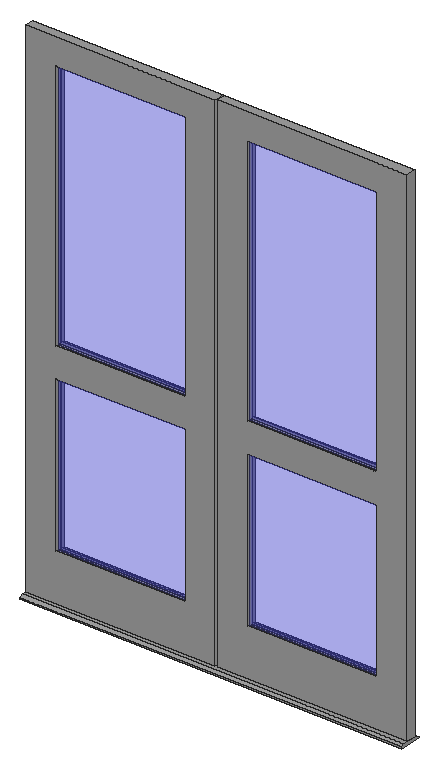
Revit family "WS-500 DOOR-Double-VIP-1-PD-SF_v05", category Curtain Panels, Revit 2015
Parameters
  Width [instance] = 6' - 2"
  VIP1 Panic Devices [instance] = no
  URL = "obe.com"
  Rough Width [instance] = 6' - 0"
  Offset [instance] = 0' - 0"
  Model = "WS-500 DOOR"
  Min Panel Width [instance] = if(Rough Width > 5' 11 255/256", Rough Width, 6' 0")  # 6' - 0"
  Manufacturer = "Oldcastle BuildingEnvelope®"
  Keynote = "08 11 00"
  Height [instance] = 8' - 0"
  Pushbar Height [instance] = 3' - 5 1/4"  # constant formula
  Glass Material = Glass
  Frame Material = Aluminum
  Door Panel Height [instance] = Height + 0' 0 13/32"  # 8' - 0 13/32"
  Description = "WS-500 - 1\" Door Infill"
  Assembly Code = "B2030\r\n"
  Analytic Construction = "<None>"
  8 Bottom Rail [instance] = yes
Reference planes (in)
  plane 1 "Front": y = 0
  plane 2: z = 0
  plane 3 "Center (Left/Right)": x = 0
  plane 4 "Left": x = -37
  plane 5 "Right": x = 37
  plane 6 "Top": z = 96
  plane 7: x = -36
  plane 8: x = 36
Text (in)
  text "Exterior" at (-54.29358, 31.38743, 0), in view "Ref. Level"
  text "Exterior" at (480, 41.53993, 89.60405), in view "Right"
  text "Exterior" at (-240, 57.82419, 105.78864), in view "Left"
Dimensions and locks (in)
  equal spacing: plane 4 "Left", plane 3 "Center (Left/Right)", plane 5 "Right"
  "Width": plane 4 "Left" to plane 5 "Right"
  "Height": plane 6 "Top" to plane 2
  equal spacing: plane 7, plane 3 "Center (Left/Right)", plane 8
  "Min Panel Width": plane 7 to plane 8
  aligned and locked: level to plane 2
  aligned and locked: plane 3 "Center (Left/Right)" to nested 1
  aligned and locked: nested 1 to plane 1 "Front"
Nested families (in)
  nested 1: "WS-500 DOOR-Double-VIP-1-PD-Panel_v04" at (0, -16, 0) x (-1, 0, 0) z (0, 0, 1), VIP1 Panic Devices <- "VIP1 Panic Devices", 8 Bottom Rail <- "8 Bottom Rail", Height <- "Door Panel Height", Width <- "Min Panel Width", Offset <- "Offset", type "WS-500 DOOR-Double-VIP-1-PD-Panel_v04"
    with Wing Width 3' - 0", built-in parameter 1001301 6' - 0", VIP2 Panic Devices yes, VIP1 Panic Devices no, Pushbar Height 3' - 5 1/4", Offset 0' - 0", built-in parameter 1001300 8' - 0 13/32", Glass at Muntin 0' - 4 15/16", Glass Material Glass, Frame Material Aluminum, Bottom Rail 0' - 9 5/32", 8 Bottom Rail yes, 10 Bottom Rail no
Definition of nested family "WS-500 DOOR-Double-VIP-1-PD-Panel_v04"
  Parameters (values of type "WS-500 DOOR-Double-VIP-1-PD-Panel_v04")
    Wing Width [instance] = Width / 2  # 3' - 0"
    Width [instance] = 6' - 0"
    VIP2 Panic Devices [instance] = not(VIP1 Panic Devices)  # no
    VIP1 Panic Devices [instance] = yes
    Offset [instance] = 0' - 10 29/32"
    Height [instance] = 8' - 0"
    Glass at Muntin [instance] = if(VIP1 Panic Devices, 0' 8 15/16", 0' 4 15/16")  # 0' - 8 15/16"
    Pushbar Height [instance] = 3' - 5 1/4"  # constant formula
    Glass Material [instance] = none
    Frame Material [instance] = none
    Bottom Rail [instance] = if([8 Bottom Rail], 0' 9 5/32", 0' 11 5/32")  # 0' - 9 5/32"
    Analytic Construction = "<None>"
    8 Bottom Rail [instance] = yes
    10 Bottom Rail [instance] = not([8 Bottom Rail])  # no
  Reference planes (in)
    plane 1 "Offset": y = 4.09375
    plane 2: z = 0
    plane 3 "Center (Left/Right)": x = 0
    plane 4: z = 96
    plane 5: x = 36
    plane 6: x = -36
    plane 7 "Center (Front/Back)": y = 16
    plane 8 "Exterior": y = 4.59375
    plane 9: z = 48
    plane 10: z = 36.78125
    plane 11: z = 45.71875
    plane 12: z = 91
    plane 13: z = 9.15625
    plane 14: y = 5.09375
    plane 15: z = 41.25
  Forms (in)
    Sweep 1, solid, material <- "Frame Material"
      path origin (0, 4.09375, 0) x (1, 0, 0) y (0, 0, 1)
        loop
          line (-35.798, 96) -> (-0.22004, 96)
      profile origin (-18.00902, 4.09375, 96) x (0, 0, 1) y (0, -1, 0)
        loop
          line (-0.40625, -0.875) -> (-0.40625, 0.875) -> (-5.28125, 0.875) -> (-5.28125, 0.5) -> (-5, 0.5) -> (-5, -0.5) -> (-5.28125, -0.5) -> (-5.28125, -0.875) -> (-0.40625, -0.875)
    Sweep 2, solid, material <- "Frame Material"
      path origin (0, 4.09375, 0) x (1, 0, 0) y (0, 0, 1)
        loop
          line (-0.22004, 0) -> (-35.798, 0)
      profile origin (-18.00902, 4.09375, 0) x (0, 0, -1) y (0, -1, 0)
        loop
          line (-9.4375, -0.875) -> (-0.6875, -0.875) -> (-0.6875, 0.875) -> (-9.4375, 0.875) -> (-9.4375, 0.5) -> (-9.15625, 0.5) -> (-9.15625, -0.5) -> (-9.4375, -0.5) -> (-9.4375, -0.875)
    Sweep 3, solid, material <- "Frame Material"
      path origin (0, 4.09375, 0) x (1, 0, 0) y (0, 0, 1)
        loop
          line (36, 95.59375) -> (36, 0.6875)
      profile origin (36, 4.09375, 48.14062) x (0, -1, 0) y (1, 0, 0)
        loop
          line (-0.875, -0.093) -> (-0.875, -5.843) -> (-0.5, -5.843) -> (-0.5, -5.56175) -> (0.5, -5.56175) -> (0.5, -5.843) -> (0.875, -5.843) -> (0.875, -0.202) -> (-0.875, -0.093)
    Sweep 4, solid, material <- "Frame Material"
      path origin (0, 4.09375, 0) x (1, 0, 0) y (0, 0, 1)
        loop
          line (-36, 95.59375) -> (-36, 0.6875)
      profile origin (-36, 4.09375, 48.14062) x (0, -1, 0) y (1, 0, 0)
        loop
          line (-0.875, 0.093) -> (0.875, 0.202) -> (0.875, 5.843) -> (0.5, 5.843) -> (0.5, 5.56175) -> (-0.5, 5.56175) -> (-0.5, 5.843) -> (-0.875, 5.843) -> (-0.875, 0.093)
    Sweep 5, solid, material <- "Frame Material"
      path origin (0, 4.09375, 0) x (1, 0, 0) y (0, 0, 1)
        loop
          line (-5.53125, 48) -> (-30.43825, 48)
      profile origin (-17.98475, 4.09375, 48) x (0, 0, -1) y (0, -1, 0)
        loop
          line (11.5, -0.875) -> (11.5, -0.5) -> (11.21875, -0.5) -> (11.21875, 0.5) -> (11.5, 0.5) -> (11.5, 0.875) -> (2, 0.875) -> (2, 0.5) -> (2.28125, 0.5) -> (2.28125, -0.5) -> (2, -0.5) -> (2, -0.875) -> (11.5, -0.875)
    Sweep 6, solid, material <- "Frame Material"
      path origin (0, 4.09375, 0) x (1, 0, 0) y (0, 0, 1)
        loop
          line (0, 95.59375) -> (0, 0.6875)
      profile origin (0, 4.09375, 48.14062) x (0, -1, 0) y (1, 0, 0)
        loop
          line (-0.875, -0.22063) -> (-0.875, -5.8125) -> (-0.5, -5.8125) -> (-0.5, -5.53125) -> (0.5, -5.53125) -> (0.5, -5.8125) -> (0.875, -5.8125) -> (0.875, -0.22063)
          arc (0.875, -0.22063) -> (0, -0.0625) -> (-0.875, -0.22063) r 2.5
        loop
          line (0.875, 5.8125) -> (0.5, 5.8125) -> (0.5, 5.53125) -> (-0.5, 5.53125) -> (-0.5, 5.8125) -> (-0.875, 5.8125) -> (-0.875, 0.22063)
          arc (-0.875, 0.22063) -> (0, 0.0625) -> (0.875, 0.22063) r 2.5
          line (0.875, 0.22063) -> (0.875, 5.8125)
    Sweep 7, solid, material <- "Frame Material"
      path origin (0, 4.09375, 0) x (1, 0, 0) y (0, 0, 1)
        loop
          line (0.22004, 96) -> (35.798, 96)
      profile origin (18.00902, 4.09375, 96) x (0, 0, 1) y (0, -1, 0)
        loop
          line (-0.40625, -0.875) -> (-0.40625, 0.875) -> (-5.28125, 0.875) -> (-5.28125, 0.5) -> (-5, 0.5) -> (-5, -0.5) -> (-5.28125, -0.5) -> (-5.28125, -0.875) -> (-0.40625, -0.875)
    Sweep 8, solid, material <- "Frame Material"
      path origin (0, 4.09375, 0) x (1, 0, 0) y (0, 0, 1)
        loop
          line (30.43825, 48) -> (5.53125, 48)
      profile origin (17.98475, 4.09375, 48) x (0, 0, -1) y (0, -1, 0)
        loop
          line (11.5, -0.875) -> (11.5, -0.5) -> (11.21875, -0.5) -> (11.21875, 0.5) -> (11.5, 0.5) -> (11.5, 0.875) -> (2, 0.875) -> (2, 0.5) -> (2.28125, 0.5) -> (2.28125, -0.5) -> (2, -0.5) -> (2, -0.875) -> (11.5, -0.875)
    Sweep 9, solid, material <- "Frame Material"
      path origin (0, 4.09375, 0) x (1, 0, 0) y (0, 0, 1)
        loop
          line (35.798, 0) -> (0.22004, 0)
      profile origin (18.00902, 4.09375, 0) x (0, 0, -1) y (0, -1, 0)
        loop
          line (-9.4375, -0.5) -> (-9.4375, -0.875) -> (-0.6875, -0.875) -> (-0.6875, 0.875) -> (-9.4375, 0.875) -> (-9.4375, 0.5) -> (-9.15625, 0.5) -> (-9.15625, -0.5) -> (-9.4375, -0.5)
    Extrusion 10, solid, material <- "Glass Material", detail levels coarse
      sketch origin (0, 0, 0) x (1, 0, 0) y (0, 1, 0)
        loop
          line (-30.43825, 4.59375) -> (-30.43825, 3.59375) -> (-5.53125, 3.59375) -> (-5.53125, 4.59375) -> (-30.43825, 4.59375)
      from 9.15625 to 36.78125
    Extrusion 11, solid, material <- "Glass Material", detail levels coarse
      sketch origin (0.31207, 0, 0) x (1, 0, 0) y (0, 1, 0)
        loop
          line (5.53125, 4.59375) -> (5.53125, 3.59375) -> (30.12618, 3.59375) -> (30.12618, 4.59375) -> (5.53125, 4.59375)
      from 9.15625 to 36.78125
    Extrusion 12, solid, material <- "Glass Material", detail levels coarse
      sketch origin (0, 0, 0) x (1, 0, 0) y (0, 1, 0)
        loop
          line (-5.53125, 4.59375) -> (-30.43825, 4.59375) -> (-30.43825, 3.59375) -> (-5.53125, 3.59375) -> (-5.53125, 4.59375)
      from 45.71875 to 91
    Extrusion 13, solid, material <- "Glass Material", detail levels coarse
      sketch origin (0, 0, 0) x (1, 0, 0) y (0, 1, 0)
        loop
          line (30.43825, 4.59375) -> (5.53125, 4.59375) -> (5.53125, 3.59375) -> (30.43825, 3.59375) -> (30.43825, 4.59375)
      from 45.71875 to 91
    Extrusion 14, solid, material <- "Glass Material", detail levels medium+fine
      sketch origin (0, 0, 0) x (1, 0, 0) y (0, 1, 0)
        loop
          line (5.53125, 3.59375) -> (30.43825, 3.59375) -> (30.43825, 3.84175) -> (5.53125, 3.84175) -> (5.53125, 3.59375)
        loop
          line (30.43825, 4.59375) -> (5.53125, 4.59375) -> (5.53125, 4.34575) -> (30.43825, 4.34575) -> (30.43825, 4.59375)
      from 9.15625 to 36.78125
    Extrusion 15, solid, material <- "Glass Material", detail levels medium+fine
      sketch origin (0, 0, 0) x (1, 0, 0) y (0, 1, 0)
        loop
          line (30.43825, 3.59375) -> (30.43825, 3.84175) -> (5.53125, 3.84175) -> (5.53125, 3.59375) -> (30.43825, 3.59375)
        loop
          line (5.53125, 4.59375) -> (5.53125, 4.34575) -> (30.43825, 4.34575) -> (30.43825, 4.59375) -> (5.53125, 4.59375)
      from 45.71875 to 91
    Extrusion 16, solid, material <- "Glass Material", detail levels medium+fine
      sketch origin (0, 0, 0) x (1, 0, 0) y (0, 1, 0)
        loop
          line (-5.53125, 3.59375) -> (-5.53125, 3.84175) -> (-30.43825, 3.84175) -> (-30.43825, 3.59375) -> (-5.53125, 3.59375)
        loop
          line (-30.43825, 4.59375) -> (-30.43825, 4.34575) -> (-5.53125, 4.34575) -> (-5.53125, 4.59375) -> (-30.43825, 4.59375)
      from 45.71875 to 91
    Extrusion 17, solid, material <- "Glass Material", detail levels medium+fine
      sketch origin (0, 0, 0) x (1, 0, 0) y (0, 1, 0)
        loop
          line (-30.43825, 3.59375) -> (-5.53125, 3.59375) -> (-5.53125, 3.84175) -> (-30.43825, 3.84175) -> (-30.43825, 3.59375)
        loop
          line (-5.53125, 4.59375) -> (-30.43825, 4.59375) -> (-30.43825, 4.34575) -> (-5.53125, 4.34575) -> (-5.53125, 4.59375)
      from 9.15625 to 36.78125
    Sweep 18, solid, material <- "Frame Material"
      path origin (0, 4.09375, 0) x (1, 0, 0) y (0, 0, 1)
        loop
          line (-35.79762, 0) -> (35.79763, 0)
      profile origin (0, 4.09375, 0) x (0, 0, 1) y (0, -1, 0)
        loop
          line (0.5, -1.1555) -> (0.5, 1.5305) -> (0.19364, 2.1875) -> (0, 2.1875) -> (0, -1.8125) -> (0.19364, -1.8125) -> (0.5, -1.1555)
  Cuts and joins
    joined: Sweep 1, Sweep 2, Sweep 3, Sweep 4, Sweep 5, Sweep 6, Sweep 7, Sweep 8, Sweep 9
  Lines and regions (in)
    model lines
      curve 1: line (5.53125, 4.59375, 91) -> (30.53125, 4.59375, 48)
      curve 2: line (30.53125, 4.59375, 48) -> (5.53125, 4.59375, 9.15625)
      curve 3: line (-5.53125, 4.59375, 91) -> (-30.53125, 4.59375, 48)
      curve 4: line (-30.53125, 4.59375, 48) -> (-5.53125, 4.59375, 9.15625)
  Dimensions and locks (in)
    "Height": plane 4 to level
    "Width": plane 6 to plane 5
    "Offset": plane 14 to plane 7 "Center (Front/Back)"
    equal spacing: level, plane 9, plane 4
    locked: Sweep 2 sketch curve to plane 6 at 0.202
    locked: plane 3 "Center (Left/Right)" to Sweep 2 sketch curve at 0.22004
    locked: Sweep 3 sketch curve to plane 4 at 0.40625
    locked: Sweep 4 sketch curve to plane 4 at 0.40625
    locked: Sweep 1 sketch curve to plane 6 at 0.202
    locked: plane 3 "Center (Left/Right)" to Sweep 1 sketch curve at 0.22004
    locked: plane 3 "Center (Left/Right)" to Sweep 5 sketch curve at 5.53125
    locked: Sweep 5 sketch curve to plane 6 at 5.56175
    locked: Sweep 7 sketch curve to plane 3 "Center (Left/Right)" at 0.22004
    locked: plane 5 to Sweep 7 sketch curve at 0.202
    locked: plane 5 to Sweep 8 sketch curve at 5.56175
    locked: Sweep 8 sketch curve to plane 3 "Center (Left/Right)" at 5.53125
    locked: plane 5 to Sweep 9 sketch curve at 0.202
    locked: Sweep 9 sketch curve to plane 3 "Center (Left/Right)" at 0.22004
    "Bottom Rail": level to Extrusion 10
    Extrusion 11 sketch curve to plane 1 "Offset" to Extrusion 11 sketch curve = 0' - 0 1/2", 0' - 0 1/2"
    plane 3 "Center (Left/Right)" to Extrusion 11 sketch curve = 0' - 5.84332"
    Extrusion 10 sketch curve to plane 1 "Offset" to Extrusion 10 sketch curve = 0' - 0 1/2" locked, 0' - 0 1/2" locked
    locked: Extrusion 10 sketch curve to plane 3 "Center (Left/Right)" at 5.53125
    locked: Extrusion 12 sketch curve to plane 3 "Center (Left/Right)" at 5.53125
    Extrusion 12 sketch curve to plane 1 "Offset" to Extrusion 12 sketch curve = 0' - 0 1/2" locked, 0' - 0 1/2" locked
    Extrusion 13 sketch curve to plane 1 "Offset" to Extrusion 13 sketch curve = 0' - 0 1/2" locked, 0' - 0 1/2" locked
    locked: plane 3 "Center (Left/Right)" to Extrusion 13 sketch curve at 5.53125
    "Glass at Muntin": plane 10 to plane 11
    locked: plane 12 to plane 4 at 5
    locked: Sweep 8 sketch curve to plane 10 at 0.28125  (x2)
    locked: plane 11 to Sweep 8 sketch curve at 0.28125  (x2)
    locked: plane 13 to Sweep 9 sketch curve at 0.28125  (x2)
    locked: plane 3 "Center (Left/Right)" to Extrusion 14 sketch curve at 5.53125  (x2)
    Extrusion 14 sketch curve to Extrusion 14 sketch curve to plane 1 "Offset" to Extrusion 14 sketch curve to Extrusion 14 sketch curve = 0' - 0.248" locked, 0' - 0.252" locked, 0' - 0.252" locked, 0' - 0.248" locked
    Extrusion 15 sketch curve to Extrusion 15 sketch curve to plane 1 "Offset" to Extrusion 15 sketch curve to Extrusion 15 sketch curve = 0' - 0.248" locked, 0' - 0.252" locked, 0' - 0.252" locked, 0' - 0.248" locked
    locked: plane 3 "Center (Left/Right)" to Extrusion 15 sketch curve at 5.53125  (x2)
    locked: Sweep 5 sketch curve to plane 10 at 0.28125  (x2)
    locked: plane 11 to Sweep 5 sketch curve at 0.28125  (x2)
    locked: Extrusion 16 sketch curve to plane 3 "Center (Left/Right)" at 5.53125  (x2)
    Extrusion 17 sketch curve to Extrusion 17 sketch curve to plane 1 "Offset" to Extrusion 17 sketch curve to Extrusion 17 sketch curve = 0' - 0.248" locked, 0' - 0.252" locked, 0' - 0.252" locked, 0' - 0.248" locked
    locked: Extrusion 17 sketch curve to plane 3 "Center (Left/Right)" at 5.53125  (x2)
    locked: plane 13 to Sweep 2 sketch curve at 0.28125  (x2)
    plane 1 "Offset" to plane 8 "Exterior" to plane 14 = 0' - 0 1/2" locked, 0' - 0 1/2" locked
    locked: plane 4 to Sweep 6 sketch curve at 0.40625
    locked: plane 6 to Extrusion 16 sketch curve at 5.56175  (x2)
    locked: plane 6 to Extrusion 12 sketch curve at 5.56175
    locked: plane 6 to Extrusion 17 sketch curve at 5.56175  (x2)
    locked: plane 6 to Extrusion 10 sketch curve at 5.56175
    locked: Extrusion 15 sketch curve to plane 5 at 5.56175  (x2)
    locked: Extrusion 13 sketch curve to plane 5 at 5.56175
    Extrusion 14 sketch curve to plane 5 = 0' - 5.56175"  (x2)
    locked: Extrusion 11 sketch curve to plane 5 at 5.56175
    "Bottom Rail": plane 2 to plane 13
    equal spacing: plane 6, plane 3 "Center (Left/Right)", plane 5
    Extrusion 16 sketch curve to Extrusion 16 sketch curve to plane 1 "Offset" to Extrusion 16 sketch curve to Extrusion 16 sketch curve = 0' - 0.248" locked, 0' - 0.252" locked, 0' - 0.252" locked, 0' - 0.248" locked
    equal spacing: plane 10, plane 15, plane 11
    "Pushbar Height": plane 2 to plane 15
    locked: plane 5 to Sweep 18 sketch curve at 0.20237
    locked: Sweep 18 sketch curve to plane 6 at 0.20238
    locked: Sweep 4 sketch curve to plane 2 at 0.6875
    locked: Sweep 6 sketch curve to plane 2 at 0.6875
    locked: Sweep 3 sketch curve to plane 2 at 0.6875
    aligned and locked: plane 2 to level
    aligned and locked: Sweep 1 sketch curve to plane 4
    aligned and locked: Sweep 2 sketch curve to level
    aligned and locked: level to nested 1
    aligned and locked: nested 1 to plane 1 "Offset"
    aligned and locked: plane 5 to Sweep 3 sketch curve
    aligned and locked: plane 6 to Sweep 4 sketch curve
    aligned and locked: Sweep 5 sketch curve to plane 9
    aligned and locked: plane 3 "Center (Left/Right)" to Sweep 6 sketch curve
    aligned and locked: Sweep 9 sketch curve to level
    aligned and locked: Sweep 8 sketch curve to plane 9
    aligned and locked: plane 4 to Sweep 7 sketch curve
    aligned and locked: plane 11 to Sweep 8 sketch curve
    aligned and locked: Sweep 8 sketch curve to plane 10
    aligned and locked: Sweep 9 sketch curve to plane 13
    aligned and locked: Extrusion 11 to plane 10
    aligned and locked: plane 13 to Extrusion 11
    aligned and locked: plane 13 to Extrusion 14
    aligned and locked: Extrusion 14 to plane 10
    aligned and locked: plane 11 to Extrusion 13
    aligned and locked: Extrusion 13 to plane 12
    aligned and locked: Extrusion 15 to plane 12
    aligned and locked: plane 11 to Extrusion 15
    aligned and locked: plane 11 to Sweep 5 sketch curve
    aligned and locked: Sweep 5 sketch curve to plane 10
    aligned and locked: plane 11 to Extrusion 12
    aligned and locked: plane 11 to Extrusion 16
    aligned and locked: Extrusion 12 to plane 12
    aligned and locked: Extrusion 16 to plane 12
    aligned and locked: Extrusion 17 to plane 10
    aligned and locked: Extrusion 10 to plane 10
    aligned and locked: plane 13 to Sweep 2 sketch curve
    aligned and locked: cut or joined group of Sweep 1, Sweep 2, Sweep 3, Sweep 4, Sweep 5, Sweep 6, Sweep 7, Sweep 8, Sweep 9 to curve 2
    aligned and locked: cut or joined group of Sweep 1, Sweep 2, Sweep 3, Sweep 4, Sweep 5, Sweep 6, Sweep 7, Sweep 8, Sweep 9 to curve 1
    aligned and locked: cut or joined group of Sweep 1, Sweep 2, Sweep 3, Sweep 4, Sweep 5, Sweep 6, Sweep 7, Sweep 8, Sweep 9 to curve 3
    aligned and locked: cut or joined group of Sweep 1, Sweep 2, Sweep 3, Sweep 4, Sweep 5, Sweep 6, Sweep 7, Sweep 8, Sweep 9 to curve 4
    aligned and locked: plane 9 to curve 3
    aligned and locked: plane 9 to curve 2
    aligned and locked: nested 2 to plane 3 "Center (Left/Right)"
    aligned and locked: plane 1 "Offset" to nested 2
    aligned and locked: plane 13 to Extrusion 17
    aligned and locked: Sweep 18 sketch curve to plane 2
  Automatic sketch dimensions
    Sweep 4 sketch curve to plane 1 "Offset" = 0' - 0 7/8"
    Sweep 4 sketch curve to profile plane = 0' - 0.093"
    plane 1 "Offset" to Sweep 4 sketch curve = 0' - 0 7/8"
    Sweep 4 sketch curve to Sweep 4 sketch curve = 0' - 0.109"
    Sweep 4 sketch curve to Sweep 4 sketch curve = 0' - 5 3/4"
    Sweep 4 sketch curve to Sweep 4 sketch curve = 0' - 0"
    Sweep 4 sketch curve to Sweep 4 sketch curve = 0' - 0 3/8"  (x2)
    Sweep 4 sketch curve to Sweep 4 sketch curve = 0' - 0 9/32"
    plane 1 "Offset" to Sweep 6 sketch curve = 0' - 0"
    profile plane to Sweep 6 sketch curve = 0' - 0.22063"  (x2)
    Sweep 6 sketch curve to Sweep 6 sketch curve = 0' - 2.34187"  (x2)
    Sweep 6 sketch curve to Sweep 6 sketch curve = 0' - 3 1/4"
    Sweep 6 sketch curve to Sweep 6 sketch curve = 0' - 0 3/8"  (x4)
    Sweep 6 sketch curve to Sweep 6 sketch curve = 0' - 0 9/32"  (x4)
    plane 1 "Offset" to Sweep 6 sketch curve = 0' - 0 1/2"
    plane 1 "Offset" to Sweep 6 sketch curve = 0' - 0 7/8"
    Sweep 6 sketch curve to profile plane = 0' - 5 13/16"
    Sweep 6 sketch curve to profile plane = 0' - 0.22063"  (x2)
    Sweep 6 sketch curve to plane 1 "Offset" = 0' - 0 1/2"
    Sweep 3 sketch curve to plane 1 "Offset" = 0' - 0 7/8"
    profile plane to Sweep 3 sketch curve = 0' - 0.202"
    Sweep 3 sketch curve to Sweep 3 sketch curve = 0' - 0.109"
    Sweep 3 sketch curve to Sweep 3 sketch curve = 0' - 5 3/4"
    Sweep 3 sketch curve to Sweep 3 sketch curve = 0' - 0 3/8"  (x2)
    Sweep 3 sketch curve to Sweep 3 sketch curve = 0' - 0 9/32"  (x2)
    plane 1 "Offset" to Sweep 3 sketch curve = 0' - 0 1/2"
    Sweep 8 sketch curve to plane 1 "Offset" = 0' - 0 7/8"
    Sweep 8 sketch curve to Sweep 8 sketch curve = 0' - 0 3/8"  (x4)
    plane 1 "Offset" to Sweep 8 sketch curve = 0' - 0 1/2"
    Sweep 9 sketch curve to Sweep 9 sketch curve = 0' - 0 3/8"  (x2)
    plane 1 "Offset" to Sweep 9 sketch curve = 0' - 0 1/2"
    profile plane to Sweep 9 sketch curve = 0' - 0 11/16"
    profile plane to Sweep 1 sketch curve = 0' - 0 13/32"
    Sweep 1 sketch curve to plane 1 "Offset" = 0' - 0 7/8"
    Sweep 1 sketch curve to Sweep 1 sketch curve = 0' - 4 7/8"
    plane 1 "Offset" to Sweep 1 sketch curve = 0' - 0 7/8"
    Sweep 1 sketch curve to Sweep 1 sketch curve = 0' - 0"
    Sweep 1 sketch curve to Sweep 1 sketch curve = 0' - 0 3/8"  (x2)
    Sweep 1 sketch curve to Sweep 1 sketch curve = 0' - 0 9/32"
    plane 1 "Offset" to Sweep 5 sketch curve = 0' - 0 7/8"
    Sweep 5 sketch curve to plane 1 "Offset" = 0' - 0 1/2"
    Sweep 5 sketch curve to Sweep 5 sketch curve = 0' - 0 3/8"  (x4)
    profile plane to Sweep 7 sketch curve = 0' - 0 13/32"
    Sweep 7 sketch curve to plane 1 "Offset" = 0' - 0 7/8"
    Sweep 7 sketch curve to Sweep 7 sketch curve = 0' - 4 7/8"
    plane 1 "Offset" to Sweep 7 sketch curve = 0' - 0 7/8"
    Sweep 7 sketch curve to Sweep 7 sketch curve = 0' - 0"
    Sweep 7 sketch curve to Sweep 7 sketch curve = 0' - 0 3/8"  (x2)
    Sweep 7 sketch curve to Sweep 7 sketch curve = 0' - 0 9/32"
    profile plane to Sweep 2 sketch curve = 0' - 0 11/16"
    Sweep 2 sketch curve to Sweep 2 sketch curve = 0' - 0 3/8"  (x2)
    plane 1 "Offset" to Sweep 2 sketch curve = 0' - 0 7/8"
    curve 2 to plane 13 = 0' - 0"
    curve 4 to plane 13 = 0' - 0"
    curve 3 to plane 12 = 0' - 0"
    curve 1 to plane 12 = 0' - 0"
    plane 6 to curve 3 = 0' - 5 15/32"
    curve 2 to plane 5 = 0' - 5 15/32"
    Sweep 2 sketch curve to plane 1 "Offset" = 0' - 0 7/8"
    Sweep 9 sketch curve to plane 1 "Offset" = 0' - 0 7/8"
    Sweep 18 sketch curve to profile plane = 0' - 0 1/2"
    Sweep 18 sketch curve to plane 1 "Offset" = 0' - 1.1555"
    Sweep 18 sketch curve to profile plane = 0' - 0.19364"  (x2)
    Sweep 18 sketch curve to Sweep 18 sketch curve = 0' - 0.657"  (x2)
    plane 1 "Offset" to Sweep 18 sketch curve = 0' - 1.5305"
    Sweep 18 sketch curve to profile plane = 0' - 0"
  Nested families (in)
    nested 1: "WS-500 DOOR-Double-VIP-1-PD-Section_v02" at (0, 4.09375, 0) x (0, -1, 0) z (1, 0, 0), Height <- "Height", VIP1 Panic Devices <- "VIP1 Panic Devices", 8 Bottom Rail <- "8 Bottom Rail", type "WS-500 DOOR-Double-VIP-1-PD-Section_v02"
      with VIP2 Panic Devices no, VIP1 Panic Devices yes, Pushbar Height 3' - 5 1/4", Height 8' - 0", Glass at Muntins 0' - 8 15/16", Bottom Rail 0' - 9 5/32", 8 Bottom Rail yes, 10 Bottom Rail no
    nested 2: "WS-500 PIVOT DOOR-Double-VIP-1-Plan View_v02" at (-24, 4.09375, 0), Wing Width <- "Wing Width", type "WS-500 PIVOT DOOR-Double-VIP-1-Plan View_v02"
      with Wing Width 3' - 0"
  Definition of nested family "WS-500 DOOR-Double-VIP-1-PD-Section_v02"
    Parameters (values of type "WS-500 DOOR-Double-VIP-1-PD-Section_v02")
      VIP2 Panic Devices [instance] = not(VIP1 Panic Devices)  # no
      VIP1 Panic Devices [instance] = yes
      Height [instance] = 8' - 0"
      Pushbar Height [instance] = 3' - 5 1/4"  # constant formula
      Glass at Muntins [instance] = if(VIP2 Panic Devices, 0' 4 15/16", 0' 8 15/16")  # 0' - 8 15/16"
      Bottom Rail [instance] = if([10 Bottom Rail], 0' 11 5/32", 0' 9 5/32")  # 0' - 11 5/32"
      10 Bottom Rail [instance] = not([8 Bottom Rail])  # yes
      8 Bottom Rail [instance] = no
    Reference planes (in)
      plane 1 "Center (Front/Back)": y = 0
      plane 2: z = 0
      plane 3 "Center (Left/Right)": x = 0
      plane 4: y = 11.15625
      plane 5: y = 91
      plane 6: y = 96
      plane 7: y = 45.71875
      plane 8: y = 36.78125
      plane 9: y = 46
      plane 10: y = 41.25
      plane 11: y = 44
    Lines and regions (in)
      detail lines, in view "Ref. Level"
        curve 1: line (-0.5, 91, 0) -> (-0.5, 45.71875, 0)
        curve 5: line (0.5, 91, 0) -> (0.5, 45.71875, 0)
        curve 6: line (0.5, 36.78125, 0) -> (0.5, 11.15625, 0)
        curve 10: line (-0.5, 36.78125, 0) -> (-0.5, 11.15625, 0)
      detail lines, in view "Ref. Level", detail levels fine
        curve 2: line (-0.438, 91, 0) -> (-0.438, 45.71875, 0)
        curve 3: line (-0.376, 91, 0) -> (-0.376, 45.71875, 0)
        curve 4: line (-0.314, 91, 0) -> (-0.314, 45.71875, 0)
        curve 7: line (-0.314, 36.78125, 0) -> (-0.314, 11.15625, 0)
        curve 8: line (-0.376, 36.78125, 0) -> (-0.376, 11.15625, 0)
        curve 9: line (-0.438, 36.78125, 0) -> (-0.438, 11.15625, 0)
        curve 11: line (0.438, 36.78125, 0) -> (0.438, 11.15625, 0)
        curve 12: line (0.376, 36.78125, 0) -> (0.376, 11.15625, 0)
        curve 13: line (0.314, 36.78125, 0) -> (0.314, 11.15625, 0)
        curve 16: line (0.314, 91, 0) -> (0.314, 45.71875, 0)
        curve 17: line (0.376, 91, 0) -> (0.376, 45.71875, 0)
        curve 18: line (0.438, 91, 0) -> (0.438, 45.71875, 0)
      detail lines, in view "Ref. Level", detail levels medium+fine
        curve 14: line (0.252, 36.78125, 0) -> (0.252, 11.15625, 0)
        curve 15: line (-0.252, 36.78125, 0) -> (-0.252, 11.15625, 0)
        curve 19: line (-0.252, 91, 0) -> (-0.252, 45.71875, 0)
        curve 20: line (0.252, 91, 0) -> (0.252, 45.71875, 0)
    Dimensions and locks (in)
      "Bottom Rail": plane 4 to plane 1 "Center (Front/Back)"
      "Height": plane 6 to plane 1 "Center (Front/Back)"
      "Glass at Muntins": plane 8 to plane 7
      nested 1 to plane 6 to plane 5 = 0' - 3 3/32" locked, 0' - 5" locked
      plane 10 to plane 11 to plane 9 = 0' - 2 3/4" locked, 0' - 2" locked
      "Pushbar Height": plane 1 "Center (Front/Back)" to plane 10
      equal spacing: plane 8, plane 10, plane 7
      aligned and locked: plane 3 "Center (Left/Right)" to nested 1
      aligned and locked: plane 3 "Center (Left/Right)" to nested 2
      aligned and locked: plane 4 to curve 10
      aligned and locked: plane 4 to curve 9
      aligned and locked: plane 4 to curve 6
      aligned and locked: plane 4 to curve 7
      aligned and locked: plane 4 to curve 8
      aligned and locked: plane 3 "Center (Left/Right)" to nested 3
      aligned and locked: plane 7 to curve 1
      aligned and locked: plane 7 to curve 2
      aligned and locked: plane 7 to curve 3
      aligned and locked: plane 7 to curve 4
      aligned and locked: plane 7 to curve 5
      aligned and locked: plane 8 to curve 6
      aligned and locked: plane 8 to curve 7
      aligned and locked: plane 8 to curve 8
      aligned and locked: plane 8 to curve 9
      aligned and locked: plane 8 to curve 10
      aligned and locked: plane 9 to nested 4
      aligned and locked: plane 3 "Center (Left/Right)" to nested 4
      aligned and locked: plane 3 "Center (Left/Right)" to nested 5
      aligned and locked: plane 1 "Center (Front/Back)" to nested 2
      aligned and locked: plane 1 "Center (Front/Back)" to nested 3
      aligned and locked: plane 4 to curve 15
      aligned and locked: plane 4 to curve 14
      aligned and locked: plane 4 to curve 13
      aligned and locked: plane 4 to curve 12
      aligned and locked: plane 4 to curve 11
      aligned and locked: plane 8 to curve 15
      aligned and locked: plane 8 to curve 14
      aligned and locked: plane 8 to curve 13
      aligned and locked: plane 8 to curve 12
      aligned and locked: plane 8 to curve 11
      aligned and locked: plane 7 to curve 19
      aligned and locked: plane 7 to curve 20
      aligned and locked: plane 7 to curve 16
      aligned and locked: plane 7 to curve 17
      aligned and locked: plane 7 to curve 18
      aligned and locked: plane 5 to curve 3
      aligned and locked: plane 5 to curve 4
      aligned and locked: plane 5 to curve 19
      aligned and locked: plane 5 to curve 20
      aligned and locked: plane 5 to curve 16
      aligned and locked: plane 5 to curve 17
      aligned and locked: plane 5 to curve 18
      aligned and locked: plane 5 to curve 5
      aligned and locked: plane 11 to nested 5
    Automatic sketch dimensions
      curve 1 to plane 5 = 0' - 0"
      curve 2 to plane 5 = 0' - 0"
      curve 1 to plane 3 "Center (Left/Right)" = 0' - 0 1/2"
      curve 10 to plane 3 "Center (Left/Right)" = 0' - 0 1/2"
      curve 1 to curve 2 = 0' - 0.062"
      curve 10 to curve 9 = 0' - 0.062"
      curve 9 to curve 8 = 0' - 0.062"
      curve 2 to curve 3 = 0' - 0.062"
      curve 8 to curve 7 = 0' - 0.062"
      curve 3 to curve 4 = 0' - 0.062"
      curve 7 to curve 15 = 0' - 0.062"
      curve 4 to curve 19 = 0' - 0.062"
      plane 3 "Center (Left/Right)" to curve 20 = 0' - 0.252"
      plane 3 "Center (Left/Right)" to curve 14 = 0' - 0.252"
      curve 14 to curve 13 = 0' - 0.062"
      curve 20 to curve 16 = 0' - 0.062"
      curve 16 to curve 17 = 0' - 0.062"
      curve 13 to curve 12 = 0' - 0.062"
      curve 12 to curve 11 = 0' - 0.062"
      curve 17 to curve 18 = 0' - 0.062"
      curve 18 to curve 5 = 0' - 0.062"
      curve 11 to curve 6 = 0' - 0.062"
    Nested families (in)
      nested 1: "TOP RAIL-DI" at (0, 99.09375, 0), type "TOP RAIL-DI", in view "Ref. Level"
      nested 2: "8 BOT RAIL-DI" at (0, 9.4375, 0), visible <- "8 Bottom Rail", type "8 BOT RAIL-DI", in view "Ref. Level"
      nested 3: "10 BOT RAIL-DI" at (0, 11.4375, 0), visible <- "10 Bottom Rail", type "10 BOT RAIL-DI", in view "Ref. Level"
      nested 4: "MIDRAIL-VIP1-DI" at (0, 46, 0), visible <- "VIP1 Panic Devices", type "MIDRAIL-VIP1-DI", in view "Ref. Level"
      nested 5: "MIDRAIL-VIP2-DI" at (0, 44, 0), visible <- "VIP2 Panic Devices", type "MIDRAIL-VIP2-DI", in view "Ref. Level"
    Definition of nested family "TOP RAIL-DI"
      Reference planes (in)
        plane 1 "Center (Front/Back)": y = 0
        plane 2: z = 0
        plane 3 "Center (Left/Right)": x = 0
      Lines and regions (in)
        detail lines, in view "Ref. Level"
          curve 1: line (-0.875, -3.625, 0) -> (0.875, -3.625, 0)
          curve 2: line (0.875, -3.625, 0) -> (0.875, -8.375, 0)
          curve 3: line (0.875, -8.375, 0) -> (0.5, -8.375, 0)
          curve 4: line (0.5, -8.375, 0) -> (0.5, -8.09375, 0)
          curve 5: line (0.5, -8.09375, 0) -> (-0.5, -8.09375, 0)
          curve 6: line (-0.5, -8.09375, 0) -> (-0.5, -8.375, 0)
          curve 7: line (-0.5, -8.375, 0) -> (-0.875, -8.375, 0)
          curve 8: line (-0.875, -8.375, 0) -> (-0.875, -3.625, 0)
    Definition of nested family "8 BOT RAIL-DI"
      Reference planes (in)
        plane 1 "Center (Front/Back)": y = 0
        plane 2: z = 0
        plane 3 "Center (Left/Right)": x = 0
      Lines and regions (in)
        detail lines, in view "Ref. Level"
          curve 1: line (-0.875, 0, 0) -> (-0.875, -8.75, 0)
          curve 2: line (-0.875, -8.75, 0) -> (0.875, -8.75, 0)
          curve 3: line (0.875, -8.75, 0) -> (0.875, 0, 0)
          curve 4: line (0.875, 0, 0) -> (0.5, 0, 0)
          curve 5: line (0.5, 0, 0) -> (0.5, -0.28125, 0)
          curve 6: line (0.5, -0.28125, 0) -> (-0.5, -0.28125, 0)
          curve 7: line (-0.5, -0.28125, 0) -> (-0.5, 0, 0)
          curve 8: line (-0.5, 0, 0) -> (-0.875, 0, 0)
          curve 9: line (1.5305, -8.9375, 0) -> (-1.1555, -8.9375, 0)
          curve 10: line (-1.1555, -8.9375, 0) -> (-1.8125, -9.24386, 0)
          curve 11: line (-1.8125, -9.24386, 0) -> (-1.8125, -9.43749, 0)
          curve 12: line (-1.8125, -9.43749, 0) -> (2.1875, -9.43749, 0)
          curve 13: line (2.1875, -9.43749, 0) -> (2.1875, -9.24386, 0)
          curve 14: line (2.1875, -9.24386, 0) -> (1.5305, -8.9375, 0)
    Definition of nested family "10 BOT RAIL-DI"
      Reference planes (in)
        plane 1 "Center (Front/Back)": y = 0
        plane 2: z = 0
        plane 3 "Center (Left/Right)": x = 0
      Lines and regions (in)
        detail lines, in view "Ref. Level"
          curve 1: line (-1.1555, -10.9375, 0) -> (1.5305, -10.9375, 0)
          curve 2: line (1.5305, -10.9375, 0) -> (2.1875, -11.24386, 0)
          curve 3: line (2.1875, -11.24386, 0) -> (2.1875, -11.43749, 0)
          curve 4: line (2.1875, -11.43749, 0) -> (-1.8125, -11.43749, 0)
          curve 5: line (-1.8125, -11.43749, 0) -> (-1.8125, -11.24386, 0)
          curve 6: line (-1.8125, -11.24386, 0) -> (-1.1555, -10.9375, 0)
          curve 7: line (-0.875, -10.75, 0) -> (0.875, -10.75, 0)
          curve 8: line (0.875, -10.75, 0) -> (0.875, 0, 0)
          curve 9: line (0.875, 0, 0) -> (0.5, 0, 0)
          curve 10: line (0.5, 0, 0) -> (0.5, -0.28125, 0)
          curve 11: line (0.5, -0.28125, 0) -> (-0.5, -0.28125, 0)
          curve 12: line (-0.5, -0.28125, 0) -> (-0.5, 0, 0)
          curve 13: line (-0.5, 0, 0) -> (-0.875, 0, 0)
          curve 14: line (-0.875, 0, 0) -> (-0.875, -10.75, 0)
    Definition of nested family "MIDRAIL-VIP1-DI"
      Reference planes (in)
        plane 1 "Center (Front/Back)": y = 0
        plane 2: z = 0
        plane 3 "Center (Left/Right)": x = 0
      Lines and regions (in)
        detail lines, in view "Ref. Level"
          curve 1: line (-0.875, 0, 0) -> (-0.5, 0, 0)
          curve 2: line (-0.5, 0, 0) -> (-0.5, -0.28125, 0)
          curve 3: line (-0.5, -0.28125, 0) -> (0.5, -0.28125, 0)
          curve 4: line (0.5, -0.28125, 0) -> (0.5, 0, 0)
          curve 5: line (0.5, 0, 0) -> (0.875, 0, 0)
          curve 6: line (0.875, 0, 0) -> (0.875, -9.5, 0)
          curve 7: line (0.875, -9.5, 0) -> (0.5, -9.5, 0)
          curve 8: line (0.5, -9.5, 0) -> (0.5, -9.21875, 0)
          curve 9: line (0.5, -9.21875, 0) -> (-0.5, -9.21875, 0)
          curve 10: line (-0.5, -9.21875, 0) -> (-0.5, -9.5, 0)
          curve 11: line (-0.5, -9.5, 0) -> (-0.875, -9.5, 0)
          curve 12: line (-0.875, -9.5, 0) -> (-0.875, 0, 0)
    Definition of nested family "MIDRAIL-VIP2-DI"
      Reference planes (in)
        plane 1 "Center (Front/Back)": y = 0
        plane 2: z = 0
        plane 3 "Center (Left/Right)": x = 0
      Lines and regions (in)
        detail lines, in view "Ref. Level"
          curve 1: line (-0.875, 0, 0) -> (-0.5, 0, 0)
          curve 2: line (-0.5, 0, 0) -> (-0.5, -0.28125, 0)
          curve 3: line (-0.5, -0.28125, 0) -> (0.5, -0.28125, 0)
          curve 4: line (0.5, -0.28125, 0) -> (0.5, 0, 0)
          curve 5: line (0.5, 0, 0) -> (0.875, 0, 0)
          curve 6: line (0.875, 0, 0) -> (0.875, -5.5, 0)
          curve 7: line (0.875, -5.5, 0) -> (0.5, -5.5, 0)
          curve 8: line (0.5, -5.5, 0) -> (0.5, -5.21875, 0)
          curve 9: line (0.5, -5.21875, 0) -> (-0.5, -5.21875, 0)
          curve 10: line (-0.5, -5.21875, 0) -> (-0.5, -5.5, 0)
          curve 11: line (-0.5, -5.5, 0) -> (-0.875, -5.5, 0)
          curve 12: line (-0.875, -5.5, 0) -> (-0.875, 0, 0)
  Definition of nested family "WS-500 PIVOT DOOR-Double-VIP-1-Plan View_v02"
    Parameters (values of type "WS-500 PIVOT DOOR-Double-VIP-1-Plan View_v02")
      Wing Width [instance] = 4' - 0"
    Reference planes (in)
      plane 1 "Center (Front/Back)": y = 0
      plane 2: z = 0
      plane 3 "Center (Left/Right)": x = 24
      plane 4: x = -24
      plane 5: x = -22.657
      plane 6: x = 70.657
      plane 7: x = 72
      plane 8: y = 1.093
      plane 9: x = -23.907
      plane 10: y = -1.25
      plane 11: y = -49.25
      plane 12: x = 71.907
      plane 13: y = -1.25
    Lines and regions (in)
      detail lines, in view "Ref. Level", not visible
        curve 1: line (-18.43825, 0.5, 0) -> (18.46875, 0.5, 0)
        curve 2: line (-18.43825, -0.5, 0) -> (18.46875, -0.5, 0)
        curve 13: line (-18.43825, -0.252, 0) -> (18.46875, -0.252, 0)
        curve 14: line (-18.43825, 0.252, 0) -> (18.46875, 0.252, 0)
        curve 15: line (66.43825, 0.5, 0) -> (29.53125, 0.5, 0)
        curve 16: line (66.43825, -0.5, 0) -> (29.53125, -0.5, 0)
        curve 27: line (66.43825, -0.252, 0) -> (29.53125, -0.252, 0)
        curve 28: line (66.43825, 0.252, 0) -> (29.53125, 0.252, 0)
      detail lines, in view "Ref. Level"
        curve 3: line (-23.157, -43.62575, 0) -> (-23.157, -6.71875, 0)
        curve 7: line (-22.157, -43.62575, 0) -> (-22.157, -6.71875, 0)
        curve 17: line (71.157, -43.62575, 0) -> (71.157, -6.71875, 0)
        curve 21: line (70.157, -43.62575, 0) -> (70.157, -6.71875, 0)
        curve 29: arc (-22.657, -49.0945, 0) -> (10.80805, -34.19729, 0) -> (23.9375, 0, 0) r 47.86083
        curve 30: arc (70.657, -49.0945, 0) -> (37.19195, -34.19729, 0) -> (24.0625, 0, 0) r 47.86083
      detail lines, in view "Ref. Level", detail levels fine
        curve 4: line (-23.095, -43.62575, 0) -> (-23.095, -6.71875, 0)
        curve 5: line (-23.033, -43.62575, 0) -> (-23.033, -6.71875, 0)
        curve 6: line (-22.971, -43.62575, 0) -> (-22.971, -6.71875, 0)
        curve 8: line (-22.343, -43.62575, 0) -> (-22.343, -6.71875, 0)
        curve 9: line (-22.281, -43.62575, 0) -> (-22.281, -6.71875, 0)
        curve 10: line (-22.219, -43.62575, 0) -> (-22.219, -6.71875, 0)
        curve 18: line (71.095, -43.62575, 0) -> (71.095, -6.71875, 0)
        curve 19: line (71.033, -43.62575, 0) -> (71.033, -6.71875, 0)
        curve 20: line (70.971, -43.62575, 0) -> (70.971, -6.71875, 0)
        curve 22: line (70.343, -43.62575, 0) -> (70.343, -6.71875, 0)
        curve 23: line (70.281, -43.62575, 0) -> (70.281, -6.71875, 0)
        curve 24: line (70.219, -43.62575, 0) -> (70.219, -6.71875, 0)
      detail lines, in view "Ref. Level", detail levels medium+fine
        curve 11: line (-22.909, -43.62575, 0) -> (-22.909, -6.71875, 0)
        curve 12: line (-22.405, -43.62575, 0) -> (-22.405, -6.71875, 0)
        curve 25: line (70.909, -43.62575, 0) -> (70.909, -6.71875, 0)
        curve 26: line (70.405, -43.62575, 0) -> (70.405, -6.71875, 0)
    Dimensions and locks (in)
      locked: plane 4 to plane 5 at 1.343
      locked: plane 6 to plane 7 at 1.343
      equal spacing: plane 4, plane 3 "Center (Left/Right)", plane 7
      "Wing Width": plane 4 to plane 3 "Center (Left/Right)"
      "Wing Width": plane 3 "Center (Left/Right)" to plane 7
      locked: plane 8 to plane 1 "Center (Front/Back)" at 1.093
      locked: plane 4 to plane 9 at 0.093
      locked: plane 10 to plane 1 "Center (Front/Back)" at 1.25
      locked: nested 5 to plane 4 at 2.25
      "Wing Width": plane 10 to plane 11
      locked: nested 3 to plane 11 at 0.093
      locked: plane 7 to nested 7 at 2.25
      locked: plane 12 to plane 7 at 0.093
      locked: plane 13 to plane 1 "Center (Front/Back)" at 1.25
      locked: nested 4 to plane 11 at 0.093
      aligned and locked: nested 1 to plane 1 "Center (Front/Back)"
      aligned and locked: nested 2 to plane 1 "Center (Front/Back)"
      aligned and locked: plane 3 "Center (Left/Right)" to nested 2
      aligned and locked: nested 4 to plane 6
      aligned and locked: plane 5 to nested 3
      aligned and locked: plane 1 "Center (Front/Back)" to nested 5
      aligned and locked: plane 5 to nested 6
      aligned and locked: nested 6 to plane 8
      aligned and locked: nested 7 to nested 7  (x4)
      aligned and locked: nested 7 to plane 1 "Center (Front/Back)"
      aligned and locked: nested 8 to plane 6
      aligned and locked: plane 8 to nested 8
    Automatic sketch dimensions
      curve 29 to plane 9 = 0' - 0"
      curve 29 to plane 5 = 0' - 0"
      plane 1 "Center (Front/Back)" to curve 29 = 0' - 0"
      plane 1 "Center (Front/Back)" to curve 30 = 0' - 0"
      curve 30 to plane 6 = 0' - 0"
      curve 29 to plane 10 = 0' - 0"
      plane 5 to curve 3 = 0' - 0 1/2"
      curve 3 to curve 4 = 0' - 0.062"
      curve 4 to curve 5 = 0' - 0.062"
      curve 5 to curve 6 = 0' - 0.062"
      curve 6 to curve 11 = 0' - 0.062"
      curve 12 to plane 5 = 0' - 0.252"
      curve 12 to curve 8 = 0' - 0.062"
      curve 8 to curve 9 = 0' - 0.062"
      curve 9 to curve 10 = 0' - 0.062"
      curve 10 to curve 7 = 0' - 0.062"
      plane 1 "Center (Front/Back)" to curve 2 = 0' - 0 1/2"
      curve 2 to plane 5 = 0' - 4 7/32"
      curve 13 to curve 2 = 0' - 0"
      curve 1 to curve 13 = 0' - 0"  (x2)
      curve 14 to curve 1 = 0' - 0"  (x2)
      plane 1 "Center (Front/Back)" to curve 13 = 0' - 0.252"
      curve 13 to plane 3 "Center (Left/Right)" = 0' - 5 17/32"
      curve 2 to curve 13 = 0' - 0"
      curve 29 to plane 3 "Center (Left/Right)" = 0' - 0 1/16"
      plane 3 "Center (Left/Right)" to curve 30 = 0' - 0 1/16"
      plane 1 "Center (Front/Back)" to curve 27 = 0' - 0.252"
      curve 30 to curve 27 = 0' - 5 15/32"
      curve 28 to curve 27 = 0' - 0"
      curve 15 to curve 28 = 0' - 0"
      curve 16 to curve 27 = 0' - 0"  (x2)
      curve 15 to plane 1 "Center (Front/Back)" = 0' - 0 1/2"
      curve 15 to plane 6 = 0' - 4 7/32"
      curve 28 to curve 15 = 0' - 0"
      curve 27 to curve 28 = 0' - 0"
      curve 21 to plane 6 = 0' - 0 1/2"
      curve 21 to curve 24 = 0' - 0.062"
      curve 24 to curve 23 = 0' - 0.062"
      curve 23 to curve 22 = 0' - 0.062"
      curve 22 to curve 26 = 0' - 0.062"
      plane 6 to curve 25 = 0' - 0.252"
      curve 25 to curve 20 = 0' - 0.062"
      curve 20 to curve 19 = 0' - 0.062"
      curve 19 to curve 18 = 0' - 0.062"
      curve 18 to curve 17 = 0' - 0.062"
      curve 23 to plane 10 = 0' - 5 15/32"
      curve 11 to plane 10 = 0' - 5 15/32"
      curve 23 to curve 20 = 0' - 0"
      curve 23 to curve 26 = 0' - 0"  (x2)
      curve 20 to curve 19 = 0' - 0"  (x2)
      curve 3 to curve 11 = 0' - 0"
      curve 19 to curve 18 = 0' - 0"
      curve 3 to curve 4 = 0' - 0"  (x2)
      curve 18 to curve 17 = 0' - 0"  (x2)
      curve 4 to curve 5 = 0' - 0"  (x2)
      curve 24 to curve 23 = 0' - 0"
      curve 5 to curve 6 = 0' - 0"  (x2)
      curve 11 to curve 7 = 0' - 0"
      curve 21 to curve 24 = 0' - 0"  (x2)
      curve 8 to curve 7 = 0' - 0"
      curve 23 to curve 22 = 0' - 0"  (x2)
      curve 25 to curve 20 = 0' - 0"  (x2)
      curve 8 to curve 9 = 0' - 0"  (x2)
      curve 12 to curve 8 = 0' - 0"  (x2)
      curve 10 to curve 7 = 0' - 0"  (x2)
      curve 30 to curve 21 = 0' - 5 15/32"
      curve 21 to curve 17 = 0' - 0"
      curve 25 to curve 17 = 0' - 0"
      curve 21 to curve 23 = 0' - 0"
      curve 29 to curve 12 = 0' - 5 15/32"
      curve 6 to curve 12 = 0' - 0"
      curve 12 to curve 7 = 0' - 0"
      curve 6 to curve 11 = 0' - 0"
      curve 16 to curve 27 = 0' - 0.248"
      curve 28 to curve 15 = 0' - 0.248"
      curve 14 to plane 1 "Center (Front/Back)" = 0' - 0.252"
      curve 14 to curve 1 = 0' - 0.248"
      plane 10 to curve 30 = 0' - 0"
      curve 30 to plane 12 = 0' - 0"
    Nested families (in)
      nested 1: "M STILE L-DI" at (24, 0, 0) x (-1, 0, 0) z (0, 0, 1), type "M STILE L-DI", in view "Ref. Level", not visible
      nested 2: "M STILE R-DI" at (24, 0, 0) x (-1, 0, 0) z (0, 0, 1), type "M STILE R-DI", in view "Ref. Level", not visible
      nested 3: "M STILE R-DI" at (-22.657, -49.157, 0) x (0, -1, 0) z (0, 0, 1), type "M STILE R-DI", in view "Ref. Level"
      nested 4: "M STILE R-DI" at (70.657, -49.157, 0) x (0, -1, 0) z (0, 0, 1), type "M STILE R-DI", in view "Ref. Level"
      nested 5: "HINGE-PD-DI" at (-26.25, 0, 0), type "HINGE-PD-DI", in view "Ref. Level", not visible
      nested 6: "HINGE-PD-DI" at (-22.657, 1.093, 0) x (0, -1, 0) z (0, 0, 1), type "HINGE-PD-DI", in view "Ref. Level"
      nested 7: "HINGE-PD-DI" at (74.25, 0, 0) x (-1, 0, 0) z (0, 0, 1), type "HINGE-PD-DI", in view "Ref. Level", not visible
      nested 8: "HINGE-PD-DI" at (70.657, 1.093, 0) x (0, -1, 0) z (0, 0, 1), type "HINGE-PD-DI", in view "Ref. Level"
    Definition of nested family "M STILE L-DI"
      Reference planes (in)
        plane 1 "Center (Front/Back)": y = 0
        plane 2: z = 0
        plane 3 "Center (Left/Right)": x = 0
      Lines and regions (in)
        detail lines, in view "Ref. Level"
          curve 1: line (0.22063, 0.875, 0) -> (5.8125, 0.875, 0)
          curve 2: line (5.8125, 0.875, 0) -> (5.8125, 0.5, 0)
          curve 3: line (5.8125, 0.5, 0) -> (5.53125, 0.5, 0)
          curve 4: line (5.53125, 0.5, 0) -> (5.53125, -0.5, 0)
          curve 5: line (5.53125, -0.5, 0) -> (5.8125, -0.5, 0)
          curve 6: line (5.8125, -0.5, 0) -> (5.8125, -0.875, 0)
          curve 7: line (5.8125, -0.875, 0) -> (0.22063, -0.875, 0)
          curve 8: arc (0.22063, 0.875, 0) -> (0.0625, 0, 0) -> (0.22063, -0.875, 0) r 2.5
    Definition of nested family "M STILE R-DI"
      Reference planes (in)
        plane 1 "Center (Front/Back)": y = 0
        plane 2: z = 0
        plane 3 "Center (Left/Right)": x = 0
      Lines and regions (in)
        detail lines, in view "Ref. Level"
          curve 1: line (-5.8125, 0.5, 0) -> (-5.53125, 0.5, 0)
          curve 2: line (-5.53125, 0.5, 0) -> (-5.53125, -0.5, 0)
          curve 3: line (-5.53125, -0.5, 0) -> (-5.8125, -0.5, 0)
          curve 4: line (-5.8125, -0.5, 0) -> (-5.8125, -0.875, 0)
          curve 5: line (-5.8125, -0.875, 0) -> (-0.22063, -0.875, 0)
          curve 6: line (-0.22063, 0.875, 0) -> (-5.8125, 0.875, 0)
          curve 7: line (-5.8125, 0.875, 0) -> (-5.8125, 0.5, 0)
          curve 8: arc (-0.22063, 0.875, 0) -> (-0.0625, 0, 0) -> (-0.22063, -0.875, 0) r 2.5
    Definition of nested family "HINGE-PD-DI"
      Reference planes (in)
        plane 1 "Center (Front/Back)": y = 0
        plane 2: z = 0
        plane 3 "Center (Left/Right)": x = 0
      Lines and regions (in)
        detail lines, in view "Ref. Level"
          curve 1: line (2.452, 0.875, 0) -> (8.093, 0.875, 0)
          curve 2: line (8.093, 0.875, 0) -> (8.093, 0.5, 0)
          curve 3: line (8.093, 0.5, 0) -> (7.81175, 0.5, 0)
          curve 4: line (7.81175, 0.5, 0) -> (7.81175, -0.5, 0)
          curve 5: line (7.81175, -0.5, 0) -> (8.093, -0.5, 0)
          curve 6: line (8.093, -0.5, 0) -> (8.093, -0.875, 0)
          curve 7: line (8.093, -0.875, 0) -> (2.343, -0.875, 0)
          curve 8: line (2.343, -0.875, 0) -> (2.452, 0.875, 0)
